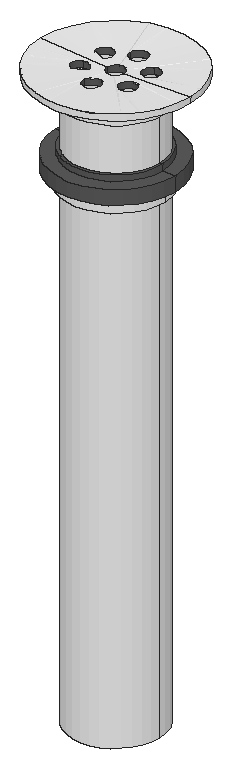
Revit family "931120001_Desagüe Sencillo", category Plumbing Fixtures, Revit 2020
Family settings
  Round Connector Dimension = Use Diameter
  Part Type = Normal
  OmniClass Number = 23.27.43.00
  OmniClass Title = Pipe Fittings
  Work Plane-Based = No
  Always vertical = Yes
  Cut with Voids When Loaded = No
  Shared = No
  Room Calculation Point = No
Parameters
  Ventajas = "Permite drenar el agua rápidamente. Elaborado en resina de alta ingeniería.\r\nFácil instalación, limpieza y mantenimiento."  # constant formula
  Uso = "Residencial"  # constant formula
  URL = "https://www.grival.com/soluciones-para-agua/desagues-y-sifones/desagues-sin-rebose/desague-sencillo-2/"
  Resistencia = "Resistente a la corrosión, pelado y decoloración por agua. Resistente al efecto de jabones y limpiadores de tocador."  # constant formula
  Referencia = "931120001"  # constant formula
  Normatividad = "IAPMO IGC 157"  # constant formula
  Model = ""
  Material = Corona_Cromado
  Manufacturer = ""
  Garantía = "30 Años"  # constant formula
  Fecha de creación = "7/04/2021"  # constant formula
  Diámetro_1 = 52.8 mm  # constant formula
  Diámetro = 25.4 mm
  Diametro_2 = 31 mm  # constant formula
  Description = "Para la fabricación de este producto se utilizan materiales,\r\nequipos y tecnologías de última generación, que permiten\r\nofrecer un artículo con los más altos estándares de calidad."  # constant formula
  Default Elevation = 0 mm
  Creado por = "BIMBAU"  # constant formula
  Alto = 206.2 mm
Reference planes
  plane 1 "Center (Front/Back)": y = 0
  plane 2: z = 0
  plane 3 "Center (Left/Right)": x = 0
  plane 4: x = -26.4
  plane 5: x = 26.4
  plane 6: x = -15.5
  plane 7: x = 15.5
  plane 8: z = 206.2
Forms (mm)
  Revolve 1, solid, material "Corona_Cromado" <- "Material", detail levels medium+fine
    sketch origin (0, 0, 0) x (1, 0, 0) y (0, 0, 1)
      loop
        line (0, 203.2) -> (0, 205.2)
        arc (0, 205.2) -> (-13.21, 205.436) -> (-26.4, 206.2) r 330.476
        line (-26.4, 206.2) -> (-26.4, 204.2) -> (-17.128, 200.454) -> (-17.128, 197.454) -> (-15.5, 197.454) -> (-15.5, 181.454) -> (-16.5, 181.454) -> (-16.5, 179.454) -> (-21.097, 179.454) -> (-21.097, 174.454) -> (-17.579, 174.454) -> (-17.579, 169.96) -> (-15.5, 169.96) -> (-15.5, 0) -> (-13.5, 0) -> (-13.5, 171.96) -> (-15.579, 171.96) -> (-15.579, 176.454) -> (-19.097, 176.454) -> (-19.097, 177.454) -> (-14.5, 177.454) -> (-14.5, 179.454) -> (-13.5, 179.454) -> (-13.5, 199.454) -> (-15.128, 199.454) -> (-15.128, 201.803) -> (-19.967, 203.758)
        arc (-19.967, 203.758) -> (-9.988, 203.329) -> (0, 203.2) r 332.476
      axis (0, 0) -> (0, 206.2)
    angle from 0 to 360
  Extrusion 2, void
    sketch origin (0, 0, 0) x (1, 0, 0) y (0, 1, 0)
      loop
        circle (0, 0) r 3
    from 169.96 to 206.2
  Extrusion 3, void
    sketch origin (0, 10, -1175.2) x (1, 0, 0) y (0, 1, 0)
      loop
        circle (0, 0) r 3
    from 1175.2 to 1381.4
  Extrusion 4, void
    sketch origin (-8.273, 5.618, -1175.2) x (0.561812, 0.827265, 0) y (-0.827265, 0.561812, 0)
      loop
        circle (0, 0) r 3
    from 1175.2 to 1381.4
  Extrusion 5, void
    sketch origin (8.732, 4.873, 293.8) x (0.487307, -0.873231, 0) y (0.873231, 0.487307, 0)
      loop
        circle (0, 0) r 3
    from -293.8 to 1969
  Extrusion 6, void
    sketch origin (8.511, -5.251, -293.8) x (-0.525063, -0.851063, 0) y (0.851063, -0.525063, 0)
      loop
        circle (0, 0) r 3
    from 293.8 to 500
  Extrusion 7, void
    sketch origin (-0.438, -9.99, -1175.2) x (-0.999042, 0.043772, 0) y (-0.043772, -0.999042, 0)
      loop
        circle (0, 0) r 3
    from 1175.2 to 1381.4
  Extrusion 8, void
    sketch origin (-8.937, -4.486, -293.8) x (-0.448618, 0.893724, 0) y (-0.893724, -0.448618, 0)
      loop
        circle (0, 0) r 3
    from 293.8 to 1969
  Extrusion 9, solid, material "Corona_Cromado" <- "Material", detail levels coarse
    sketch origin (0, 0, 0) x (1, 0, 0) y (0, 1, 0)
      loop
        circle (0, 0) r 26.4
    from 0 to 206.2
Cuts and joins
  Extrusion 2, Extrusion 3, Extrusion 4, Extrusion 5, Extrusion 6, Extrusion 7, Extrusion 8 cuts Revolve 1
Dimensions and locks
  equal spacing: plane 4, plane 3 "Center (Left/Right)", plane 5
  "Diámetro_1": plane 4 to plane 5
  equal spacing: plane 6, plane 3 "Center (Left/Right)", plane 7
  "Diametro_2": plane 6 to plane 7
  "Alto": plane 8 to level
  plane 8 to Revolve 1 sketch curve to Revolve 1 sketch curve to Revolve 1 sketch curve to Revolve 1 sketch curve to Revolve 1 sketch curve to Revolve 1 sketch curve to Revolve 1 sketch curve = 2 mm, 3.746 mm, 3 mm, 16 mm, 2 mm, 5 mm, 4.494 mm
  aligned and locked: level to plane 2
  aligned and locked: Revolve 1 sketch curve to plane 6
  aligned and locked: Extrusion 9 to level
  aligned and locked: plane 8 to Extrusion 9
  aligned and locked: plane 8 to Extrusion 2
  aligned and locked: plane 8 to Extrusion 6
  aligned and locked: plane 8 to Extrusion 7
  aligned and locked: plane 8 to Extrusion 3
  aligned and locked: plane 8 to Extrusion 4
  aligned and locked: Extrusion 5 to level
  aligned and locked: Extrusion 7 to level
  aligned and locked: Extrusion 4 to level
  aligned and locked: Extrusion 3 to level
  aligned and locked: Extrusion 6 to level
  aligned and locked: Extrusion 8 to level
  aligned and locked: nested 1 to level
  aligned and locked: nested 2 to level
Automatic sketch dimensions
  plane 1 "Center (Front/Back)" to Extrusion 2 sketch curve = 0 mm
  Extrusion 2 sketch curve to plane 3 "Center (Left/Right)" = 0 mm
  Revolve 1 sketch curve to Revolve 1 sketch curve = 0 mm  (x3)
  Revolve 1 sketch curve to plane 4 = 0 mm
  Revolve 1 sketch curve to level = 0 mm
  Revolve 1 sketch curve to plane 6 = 0 mm
  Revolve 1 sketch curve to plane 3 "Center (Left/Right)" = 0 mm  (x2)
  Revolve 1 sketch curve to plane 8 = 0 mm
  plane 4 to Revolve 1 sketch curve = 5.303 mm
  Revolve 1 sketch curve to plane 6 = 4.467 mm
  Revolve 1 sketch curve to Revolve 1 sketch curve = 2 mm  (x5)
  Revolve 1 sketch curve to plane 6 = 2.079 mm
  Revolve 1 sketch curve to plane 6 = 1.628 mm
  Revolve 1 sketch curve to plane 6 = 1 mm
  Revolve 1 sketch curve to plane 6 = 0.079 mm
  plane 6 to Revolve 1 sketch curve = 0.372 mm
  plane 6 to Revolve 1 sketch curve = 1 mm
  Revolve 1 sketch curve to Revolve 1 sketch curve = 1 mm  (x2)
  plane 6 to Revolve 1 sketch curve = 2 mm
  Revolve 1 sketch curve to plane 3 "Center (Left/Right)" = 0.701 mm
  Revolve 1 sketch curve to Revolve 1 sketch curve = 2.349 mm
  Revolve 1 sketch curve to plane 8 = 3 mm
  Revolve 1 sketch curve to Revolve 1 sketch curve = 3.304 mm
  plane 8 to Revolve 1 sketch curve = 88.8 mm
  plane 1 "Center (Front/Back)" to Extrusion 9 sketch curve = 0 mm
  Extrusion 9 sketch curve to plane 3 "Center (Left/Right)" = 0 mm
  Extrusion 3 sketch curve to plane 3 "Center (Left/Right)" = 0 mm
  Extrusion 3 sketch curve to plane 1 "Center (Front/Back)" = 10 mm
  Extrusion 5 sketch curve to plane 1 "Center (Front/Back)" = 4.873 mm
  Extrusion 5 sketch curve to plane 7 = 6.768 mm
  plane 1 "Center (Front/Back)" to Extrusion 6 sketch curve = 5.251 mm
  Extrusion 6 sketch curve to plane 7 = 6.989 mm
  Extrusion 7 sketch curve to plane 3 "Center (Left/Right)" = 0.438 mm
  plane 1 "Center (Front/Back)" to Extrusion 7 sketch curve = 9.99 mm
  plane 1 "Center (Front/Back)" to Extrusion 8 sketch curve = 4.486 mm
  plane 6 to Extrusion 8 sketch curve = 6.563 mm
  Extrusion 4 sketch curve to plane 1 "Center (Front/Back)" = 5.618 mm
  plane 6 to Extrusion 4 sketch curve = 7.227 mm
  radius of Extrusion 2 sketch curve = 3 mm
  radius of Extrusion 3 sketch curve = 3 mm
  radius of Extrusion 4 sketch curve = 3 mm
  radius of Extrusion 5 sketch curve = 3 mm
  radius of Extrusion 6 sketch curve = 3 mm
  radius of Extrusion 7 sketch curve = 3 mm
  radius of Extrusion 8 sketch curve = 3 mm
  radius of Extrusion 9 sketch curve = 26.4 mm
Nested families
  nested 1: "Frontal" at (0, 0, 0) x (1, 0, 0) z (0, -1, 0), type "Frontal"
  nested 2: "Frontal" at (0, 0, 0) x (0, 1, 0) z (1, 0, 0), type "Frontal"
Connectors
  piping at (0, 0, 0), diameter 25.4, driven by "Diámetro"
    settings: on cut or joined group of Revolve 1, Extrusion 2, Extrusion 3, Extrusion 4, Extrusion 5, Extrusion 6, Extrusion 7, Extrusion 8, index 1, connector inside diameter 609.6 mm, connector length 0 mm, flow factor 0, pipe flow 0.0 L/s, pressure drop 0.0 Pa, fitting loss kfactor 0, connector angle 0.00°, fixture units 0, engagement length 0 mm, angle of deflection 0.00°, flow configuration 0, flow direction 2, fitting loss method 0, system type 7, joint type 0, gender type 0, connector reference index -1, connector utility 0, adjustable connector no, is connector primary yes, connector description ""
Definition of nested family "Frontal"
  Parameters (values of type "Family1")
    Alto = 206.2 mm
  Reference planes
    plane 1 "Center (Front/Back)": y = 0
    plane 2: z = 0
    plane 3 "Center (Left/Right)": x = 0
    plane 4: y = 206.2
  Lines and regions (mm)
    Masking region 1, in view "Ref. Level"
      outline origin (0, 0, 0) x (1, 0, 0) y (0, 1, 0)
        loop
          line (19.574, 152.336) -> (-19.574, 152.336) -> (-19.574, 0) -> (0, 0) -> (19.574, 0) -> (19.574, 152.336)
    Masking region 2, in view "Ref. Level"
      outline origin (0, 0, 0) x (1, 0, 0) y (0, 1, 0)
        loop
          line (-23.826, 152.336) -> (23.826, 152.336) -> (23.826, 160.014) -> (-23.826, 160.014) -> (-23.826, 152.336)
    Masking region 3, in view "Ref. Level"
      outline origin (0, 0, 0) x (1, 0, 0) y (0, 1, 0)
        loop
          line (-28.9, 166.37) -> (-28.9, 160.014) -> (28.9, 160.014) -> (28.9, 166.37) -> (-28.9, 166.37)
    Masking region 4, in view "Ref. Level"
      outline origin (0, 0, 0) x (1, 0, 0) y (0, 1, 0)
        loop
          line (20.507, 169.149) -> (-20.507, 169.149) -> (-20.507, 166.37) -> (20.507, 166.37) -> (20.507, 169.149)
    Masking region 5, in view "Ref. Level"
      outline origin (0, 0, 0) x (1, 0, 0) y (0, 1, 0)
        loop
          line (-18.826, 193.627) -> (-18.826, 169.149) -> (18.826, 169.149) -> (18.826, 193.627) -> (-18.826, 193.627)
    Masking region 6, in view "Ref. Level"
      outline origin (0, 0, 0) x (1, 0, 0) y (0, 1, 0)
        loop
          spline (0, 176.388) -> (2.329, 176.559) -> (4.5, 177.058) -> (6.364, 177.853) -> (7.794, 178.888) -> (8.693, 180.094) -> (9, 181.388) -> (8.693, 182.682) -> (7.794, 183.888) -> (6.364, 184.924) -> (4.5, 185.718) -> (2.329, 186.218) -> (0, 186.388)
          spline (0, 186.388) -> (-2.329, 186.218) -> (-4.5, 185.718) -> (-6.364, 184.924) -> (-7.794, 183.888) -> (-8.693, 182.682) -> (-9, 181.388) -> (-8.693, 180.094) -> (-7.794, 178.888) -> (-6.364, 177.853) -> (-4.5, 177.058) -> (-2.329, 176.559) -> (0, 176.388)
    Masking region 7, in view "Ref. Level"
      outline origin (0, 0, 0) x (1, 0, 0) y (0, 1, 0)
        loop
          line (-23.826, 193.627) -> (23.826, 193.627) -> (23.826, 197.791) -> (37.09, 203.15) -> (37.09, 206.2) -> (0, 206.2) -> (-37.09, 206.2) -> (-37.09, 203.15) -> (-23.826, 197.791) -> (-23.826, 193.627)
  Dimensions and locks
    "Alto": plane 4 to plane 1 "Center (Front/Back)"
  Automatic sketch dimensions
    plane 1 "Center (Front/Back)" to Masking region 1 sketch curve = 0 mm
    Masking region 1 sketch curve to plane 3 "Center (Left/Right)" = 0 mm
    plane 3 "Center (Left/Right)" to Masking region 1 sketch curve = 19.574 mm
    Masking region 1 sketch curve to plane 3 "Center (Left/Right)" = 19.574 mm
    Masking region 2 sketch curve to plane 3 "Center (Left/Right)" = 23.826 mm
    plane 3 "Center (Left/Right)" to Masking region 2 sketch curve = 23.826 mm
    Masking region 3 sketch curve to plane 3 "Center (Left/Right)" = 28.9 mm
    plane 3 "Center (Left/Right)" to Masking region 3 sketch curve = 28.9 mm
    Masking region 4 sketch curve to plane 3 "Center (Left/Right)" = 20.507 mm
    plane 3 "Center (Left/Right)" to Masking region 4 sketch curve = 20.507 mm
    Masking region 5 sketch curve to plane 3 "Center (Left/Right)" = 18.826 mm
    plane 3 "Center (Left/Right)" to Masking region 5 sketch curve = 18.826 mm
    Masking region 7 sketch curve to plane 3 "Center (Left/Right)" = 23.826 mm
    plane 3 "Center (Left/Right)" to Masking region 7 sketch curve = 23.826 mm
    Masking region 7 sketch curve to Masking region 7 sketch curve = 13.264 mm  (x2)
    Masking region 7 sketch curve to plane 4 = 0 mm
    Masking region 7 sketch curve to plane 3 "Center (Left/Right)" = 0 mm
    Masking region 1 sketch curve to plane 4 = 53.864 mm
    Masking region 2 sketch curve to plane 4 = 53.864 mm
    Masking region 2 sketch curve to Masking region 2 sketch curve = 7.678 mm
    Masking region 3 sketch curve to plane 4 = 46.186 mm
    Masking region 3 sketch curve to Masking region 3 sketch curve = 6.356 mm
    Masking region 4 sketch curve to plane 4 = 39.83 mm
    Masking region 4 sketch curve to Masking region 4 sketch curve = 2.779 mm
    Masking region 5 sketch curve to plane 4 = 37.051 mm
    Masking region 5 sketch curve to plane 4 = 12.573 mm
    Masking region 7 sketch curve to plane 4 = 3.05 mm  (x2)
    Masking region 7 sketch curve to plane 4 = 8.409 mm  (x2)
    Masking region 7 sketch curve to Masking region 7 sketch curve = 4.164 mm
